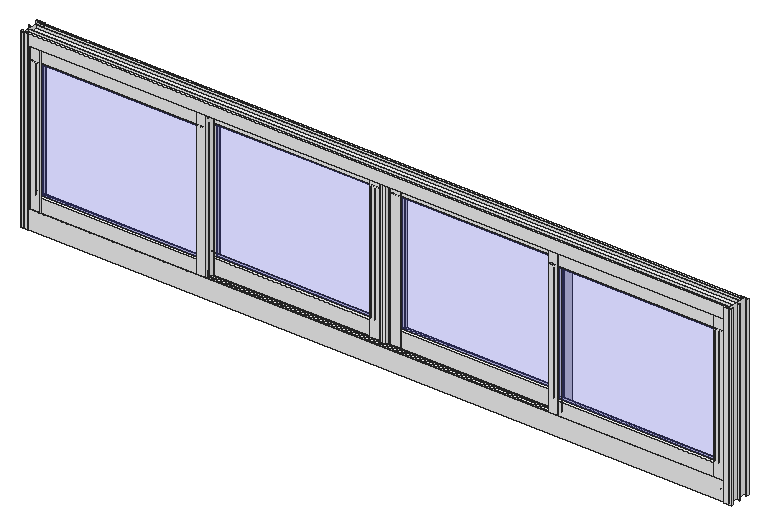
Revit family "Elite_Sliding_Window_XXXX_Custom", category Windows, host Wall, Revit 2014 (continued)
Definition of nested family "Elite_Sash_Outer_XXXX_Cust"
  Definition of nested family "Elite_Lock_Stile"
    Forms (mm)
      Extrusion 1, solid, material <- "Profile Material"
        sketch origin (0, 0, 0) x (1, 0, 0) y (0, 1, 0)
          loop
            line (0, 0) -> (3.5, 0) -> (3.5, 2.4) -> (2.5, 2.4) -> (2.5, 1.2) -> (1.2, 1.2) -> (1.2, 8.8) -> (2.5, 8.8) -> (2.5, 7.6) -> (3.5, 7.6) -> (3.5, 10) -> (1.5, 10) -> (1.5, 13) -> (24.5, 13) -> (24.5, 10) -> (22.5, 10) -> (22.5, 7.6) -> (23.5, 7.6) -> (23.5, 8.8) -> (24.8, 8.8) -> (24.8, 1.2) -> (23.5, 1.2) -> (23.5, 2.4) -> (22.5, 2.4) -> (22.5, 0) -> (26, 0) -> (26, 49.8) -> (24.5, 49.8) -> (24.5, 49) -> (18, 49) -> (18, 43) -> (19.5, 43) -> (19.5, 47.5) -> (24.5, 47.5) -> (24.5, 36) -> (1.5, 36) -> (1.5, 47.5) -> (6.5, 47.5) -> (6.5, 43) -> (8, 43) -> (8, 49) -> (1.5, 49) -> (1.5, 49.8) -> (0, 49.8) -> (0, 0)
          loop
            line (1.5, 14.5) -> (24.5, 14.5) -> (24.5, 34.5) -> (13, 34.5) -> (1.5, 34.5) -> (1.5, 14.5)
        from 0 to 250 <- "Length Lock Stile"
      Extrusion 2, void
        sketch origin (24.4, 49, 0) x (1, 0, 0) y (0, 0, 1)
          loop
            line (0.1, 250) -> (-22.9, 250) -> (-22.9, 195) -> (0.1, 195) -> (0.1, 250)
          loop
            line (-22.9, 0) -> (0.1, 0) -> (0.1, 55) -> (-22.9, 55) -> (-22.9, 0)
        from 0 to 25
      Extrusion 3, void
        sketch origin (13, 14.5, 0) x (1, 0, 0) y (0, 0, 1)
          loop
            line (6.5, 250) -> (-6.5, 250) -> (-6.5, 224) -> (6.5, 224) -> (6.5, 250)
          loop
            line (6.5, 0) -> (6.5, 26) -> (-6.5, 26) -> (-6.5, 0) -> (6.5, 0)
        from 0 to 250
    Cuts and joins
      Extrusion 2, Extrusion 3 cuts Extrusion 1
    Dimensions and locks
      "Height Large Cut": Extrusion 2 sketch curve to Extrusion 2 sketch curve  (x2)
      "Height Rail Cut": Extrusion 3 sketch curve to Extrusion 3 sketch curve  (x2)
      "Width Rail Cut": Extrusion 3 sketch curve to Extrusion 3 sketch curve  (x2)
      "Side Gap Rail Cut": Extrusion 3 sketch curve to cut or joined group of Extrusion 1, Extrusion 2, Extrusion 3  (x2)
      aligned and locked: level to plane 2
      aligned and locked: Extrusion 1 to Extrusion 2 sketch curve  (x2)
      aligned and locked: Extrusion 2 sketch curve to Extrusion 1  (x4)
      aligned and locked: Extrusion 3 sketch curve to cut or joined group of Extrusion 1, Extrusion 2, Extrusion 3
      aligned and locked: cut or joined group of Extrusion 1, Extrusion 2, Extrusion 3 to Extrusion 3 sketch curve
    Automatic sketch dimensions
      Extrusion 1 sketch curve to plane 3 "Center (Left/Right)" = 0 mm
      plane 1 "Center (Front/Back)" to Extrusion 1 sketch curve = 0 mm  (x2)
      plane 3 "Center (Left/Right)" to Extrusion 1 sketch curve = 1.2 mm
      plane 3 "Center (Left/Right)" to Extrusion 1 sketch curve = 1.5 mm  (x2)
      Extrusion 1 sketch curve to Extrusion 1 sketch curve = 0 mm  (x4)
      Extrusion 1 sketch curve to Extrusion 1 sketch curve = 0.3 mm  (x2)
      Extrusion 1 sketch curve to Extrusion 1 sketch curve = 1.3 mm  (x2)
      Extrusion 1 sketch curve to Extrusion 1 sketch curve = 1 mm  (x4)
      Extrusion 1 sketch curve to Extrusion 1 sketch curve = 5 mm  (x4)
      Extrusion 1 sketch curve to Extrusion 1 sketch curve = 1.5 mm  (x6)
      Extrusion 1 sketch curve to plane 1 "Center (Front/Back)" = 2.4 mm
      Extrusion 1 sketch curve to Extrusion 1 sketch curve = 19 mm
      Extrusion 1 sketch curve to Extrusion 1 sketch curve = 2 mm
      Extrusion 1 sketch curve to Extrusion 1 sketch curve = 1.2 mm  (x6)
      Extrusion 1 sketch curve to plane 1 "Center (Front/Back)" = 1.2 mm  (x2)
      Extrusion 1 sketch curve to Extrusion 1 sketch curve = 5.2 mm  (x2)
      Extrusion 1 sketch curve to Extrusion 1 sketch curve = 3 mm
      Extrusion 1 sketch curve to Extrusion 1 sketch curve = 20 mm
      Extrusion 1 sketch curve to Extrusion 1 sketch curve = 7 mm  (x2)
      Extrusion 1 sketch curve to Extrusion 1 sketch curve = 4.5 mm  (x2)
      Extrusion 1 sketch curve to Extrusion 1 sketch curve = 0.8 mm  (x2)
  Definition of nested family "Elite_Interlocker"
    Parameters (values of type "Elite_Interlocker")
      Rail Cut Width = 13 mm  # constant formula
      Rail Cut Side Spacing = 5 mm  # constant formula
      Rail Cut Height = 26 mm  # constant formula
      Profile Material [instance] = none
      Length Interlocker [instance] = 250 mm
      Large Cut Height = 55 mm  # constant formula
    Reference planes
      plane 1 "Center (Front/Back)": y = 0
      plane 2: z = 0
      plane 3 "Center (Left/Right)": x = 0
    Forms (mm)
      Extrusion 1, solid, material <- "Profile Material"
        sketch origin (0, 0, 0) x (1, 0, 0) y (0, 1, 0)
          loop
            line (6.916, 36.467) -> (6.916, 6.667) -> (39.416, 6.667) -> (39.416, 9.551) -> (38.416, 9.551) -> (38.416, 8.167) -> (37.116, 8.167) -> (37.116, 9.551) -> (36.116, 9.551) -> (36.116, 8.167) -> (32.916, 8.167) -> (32.916, 15.167) -> (36.116, 15.167) -> (36.116, 13.78) -> (37.116, 13.78) -> (37.116, 15.167) -> (38.416, 15.167) -> (38.416, 13.78) -> (39.416, 13.78) -> (39.416, 25.167)
            arc (39.416, 25.167) -> (38.973, 25.663) -> (38.429, 25.28) r 0.5
            line (38.429, 25.28) -> (36.426, 16.667) -> (32.916, 16.667) -> (32.916, 36.467) -> (31.416, 36.467) -> (31.416, 35.667) -> (24.916, 35.667) -> (24.916, 29.667) -> (26.416, 29.667) -> (26.416, 34.167) -> (31.416, 34.167) -> (31.416, 22.667) -> (19.916, 22.667) -> (8.416, 22.667) -> (8.416, 34.167) -> (13.416, 34.167) -> (13.416, 29.667) -> (14.916, 29.667) -> (14.916, 35.667) -> (8.416, 35.667) -> (8.416, 36.467) -> (6.916, 36.467)
          loop
            line (8.416, 21.167) -> (8.416, 8.167) -> (31.416, 8.167) -> (31.416, 21.167) -> (19.916, 21.167) -> (8.416, 21.167)
        from 0 to 250 <- "Length Interlocker"
      Extrusion 2, void
        sketch origin (14.616, 35.667, 0) x (1, 0, 0) y (0, 0, 1)
          loop
            line (11.8, 250) -> (-1.2, 250) -> (-1.2, 224) -> (11.8, 224) -> (11.8, 250)
          loop
            line (-1.2, 0) -> (11.8, 0) -> (11.8, 26) -> (-1.2, 26) -> (-1.2, 0)
        from 0 to 250
      Extrusion 3, void
        sketch origin (31.316, 35.667, 0) x (1, 0, 0) y (0, 0, 1)
          loop
            line (0.1, 250) -> (-22.9, 250) -> (-22.9, 195) -> (0.1, 195) -> (0.1, 250)
          loop
            line (-22.9, 0) -> (0.1, 0) -> (0.1, 55) -> (-22.9, 55) -> (-22.9, 0)
        from 0 to 25
    Cuts and joins
      Extrusion 2, Extrusion 3 cuts Extrusion 1
    Dimensions and locks
      "Rail Cut Width": Extrusion 2 sketch curve to Extrusion 2 sketch curve  (x2)
      "Rail Cut Side Spacing": Extrusion 2 sketch curve to Extrusion 1  (x2)
      "Rail Cut Height": Extrusion 2 sketch curve to Extrusion 2 sketch curve  (x2)
      "Large Cut Height": Extrusion 3 sketch curve to Extrusion 3 sketch curve  (x2)
      aligned and locked: level to plane 2
      aligned and locked: Extrusion 1 to Extrusion 2 sketch curve  (x2)
      aligned and locked: Extrusion 3 sketch curve to cut or joined group of Extrusion 1, Extrusion 2, Extrusion 3  (x4)
      aligned and locked: cut or joined group of Extrusion 1, Extrusion 2, Extrusion 3 to Extrusion 3 sketch curve  (x2)
    Automatic sketch dimensions
      plane 3 "Center (Left/Right)" to Extrusion 1 sketch curve = 6.916 mm
      plane 3 "Center (Left/Right)" to Extrusion 1 sketch curve = 8.416 mm
      Extrusion 1 sketch curve to Extrusion 1 sketch curve = 1.5 mm  (x11)
      Extrusion 1 sketch curve to Extrusion 1 sketch curve = 0 mm  (x6)
      Extrusion 1 sketch curve to Extrusion 1 sketch curve = 5 mm  (x4)
      Extrusion 1 sketch curve to Extrusion 1 sketch curve = 3.2 mm  (x2)
      Extrusion 1 sketch curve to Extrusion 1 sketch curve = 0.31 mm
      Extrusion 1 sketch curve to Extrusion 1 sketch curve = 1 mm  (x4)
      Extrusion 1 sketch curve to Extrusion 1 sketch curve = 1.3 mm  (x2)
      Extrusion 1 sketch curve to Extrusion 1 sketch curve = 7.013 mm
      Extrusion 1 sketch curve to Extrusion 1 sketch curve = 0.487 mm
      Extrusion 1 sketch curve to plane 1 "Center (Front/Back)" = 6.667 mm
      Extrusion 1 sketch curve to Extrusion 1 sketch curve = 1.384 mm  (x2)
      Extrusion 1 sketch curve to Extrusion 1 sketch curve = 4.229 mm
      Extrusion 1 sketch curve to Extrusion 1 sketch curve = 1.387 mm  (x2)
      Extrusion 1 sketch curve to Extrusion 1 sketch curve = 13 mm
      Extrusion 1 sketch curve to Extrusion 1 sketch curve = 2.5 mm
      Extrusion 1 sketch curve to Extrusion 1 sketch curve = 7 mm  (x2)
      Extrusion 1 sketch curve to Extrusion 1 sketch curve = 4.5 mm  (x2)
      Extrusion 1 sketch curve to Extrusion 1 sketch curve = 0.8 mm  (x2)
  Definition of nested family "Elite_Sash_Top"
    Parameters (values of type "Elite_Sash_Top")
      Profile Material [instance] = none
      Length Sash Top [instance] = 250 mm
    Reference planes
      plane 1 "Center (Front/Back)": y = 0
      plane 2: z = 0
      plane 3 "Center (Left/Right)": x = 0
    Forms (mm)
      Extrusion 1, solid, material <- "Profile Material"
        sketch origin (0, -88.953, -123.01) x (0, 1, 0) y (0, 0, 1)
          loop
            line (92.953, 217.01) -> (95.303, 217.01) -> (95.303, 223.01) -> (93.853, 223.01) -> (93.853, 218.46) -> (92.953, 218.46)
            arc (92.953, 218.46) -> (91.15, 219.207) -> (90.403, 221.01) r 2.55
            line (90.403, 221.01) -> (90.403, 230.06) -> (110.203, 230.06) -> (110.203, 221.01)
            arc (110.203, 221.01) -> (109.456, 219.207) -> (107.653, 218.46) r 2.55
            line (107.653, 218.46) -> (106.753, 218.46) -> (106.753, 223.01) -> (105.303, 223.01) -> (105.303, 217.01) -> (107.653, 217.01)
            arc (107.653, 217.01) -> (110.482, 218.181) -> (111.653, 221.01) r 4
            line (111.653, 221.01) -> (111.653, 271.01) -> (107.403, 271.01) -> (107.403, 268.61) -> (108.603, 268.61) -> (108.603, 269.81) -> (110.203, 269.81) -> (110.203, 262.21) -> (108.603, 262.21) -> (108.603, 263.41) -> (107.403, 263.41) -> (107.403, 261.01) -> (110.203, 261.01) -> (110.203, 231.51) -> (90.403, 231.51) -> (90.403, 261.01) -> (93.203, 261.01) -> (93.203, 263.41) -> (92.003, 263.41) -> (92.003, 262.21) -> (90.403, 262.21) -> (90.403, 269.81) -> (92.003, 269.81) -> (92.003, 268.61) -> (93.203, 268.61) -> (93.203, 271.01) -> (88.953, 271.01) -> (88.953, 221.01)
            arc (88.953, 221.01) -> (90.125, 218.181) -> (92.953, 217.01) r 4
        from 0 to 250 <- "Length Sash Top"
    Dimensions and locks
      aligned and locked: level to plane 2
  Definition of nested family "Elite_Sash_Bottom"
    Parameters (values of type "Elite_Sash_Bottom")
      Profile Material [instance] = none
      Length Sash Bottom [instance] = 250 mm
    Reference planes
      plane 1 "Center (Front/Back)": y = 0
      plane 2: z = 0
      plane 3 "Center (Left/Right)": x = 0
    Forms (mm)
      Extrusion 1, solid, material <- "Profile Material"
        sketch origin (0, -88.953, -123.01) x (0, 1, 0) y (0, 0, 1)
          loop
            arc (92.953, 177.01) -> (90.125, 175.838) -> (88.953, 173.01) r 4
            line (88.953, 173.01) -> (88.953, 123.01) -> (93.203, 123.01) -> (93.203, 125.41) -> (92.003, 125.41) -> (92.003, 124.21) -> (90.403, 124.21) -> (90.403, 131.81) -> (92.003, 131.81) -> (92.003, 130.61) -> (93.203, 130.61) -> (93.203, 133.01) -> (90.403, 133.01) -> (90.403, 162.51) -> (110.203, 162.51) -> (110.203, 133.01) -> (107.403, 133.01) -> (107.403, 130.61) -> (108.603, 130.61) -> (108.603, 131.81) -> (110.203, 131.81) -> (110.203, 124.21) -> (108.603, 124.21) -> (108.603, 125.41) -> (107.403, 125.41) -> (107.403, 123.01) -> (111.653, 123.01) -> (111.653, 173.01)
            arc (111.653, 173.01) -> (110.482, 175.838) -> (107.653, 177.01) r 4
            line (107.653, 177.01) -> (105.303, 177.01) -> (105.303, 171.01) -> (106.753, 171.01) -> (106.753, 175.56) -> (107.653, 175.56)
            arc (107.653, 175.56) -> (109.456, 174.813) -> (110.203, 173.01) r 2.55
            line (110.203, 173.01) -> (110.203, 163.96) -> (90.403, 163.96) -> (90.403, 173.01)
            arc (90.403, 173.01) -> (91.15, 174.813) -> (92.953, 175.56) r 2.55
            line (92.953, 175.56) -> (93.853, 175.56) -> (93.853, 171.01) -> (95.303, 171.01) -> (95.303, 177.01) -> (92.953, 177.01)
        from 0 to 250 <- "Length Sash Bottom"
    Dimensions and locks
      aligned and locked: level to plane 2
  Definition of nested family "Elite_Heavy_Duty_Interlocker_Outside"
    Parameters (values of type "Elite_Heavy_Duty_Interlocker_Outside")
      Side Cut Width = 20 mm  # constant formula
      Side Cut Height Top = 26 mm  # constant formula
      Profile Material [instance] = none
      Length Heavy Duty Interlocker [instance] = 250 mm
      Large Cut Height = 55 mm  # constant formula
      Cut Width = 13 mm  # constant formula
      Cut Side Spacing = 5 mm  # constant formula
      Cut Height = 26 mm  # constant formula
    Reference planes
      plane 1 "Center (Front/Back)": y = 0
      plane 2: z = 0
      plane 3 "Center (Left/Right)": x = 0
    Forms (mm)
      Extrusion 1, solid, material <- "Profile Material"
        sketch origin (0, 0, 0) x (1, 0, 0) y (0, 1, 0)
          loop
            arc (4, 27.5) -> (2.232, 26.768) -> (1.5, 25) r 2.5
            line (1.5, 25) -> (1.5, 4)
            arc (1.5, 4) -> (2.232, 2.232) -> (4, 1.5) r 2.5
            line (4, 1.5) -> (20, 1.5) -> (20, 27.5) -> (4, 27.5)
          loop
            line (21.5, 14.5) -> (21.5, 1.5) -> (33, 1.5) -> (44.5, 1.5) -> (44.5, 14.5) -> (33, 14.5) -> (21.5, 14.5)
          loop
            line (46, 10) -> (46, 29.8) -> (44.5, 29.8) -> (44.5, 29) -> (38, 29) -> (38, 23) -> (39.5, 23) -> (39.5, 27.5) -> (44.5, 27.5) -> (44.5, 16) -> (33, 16) -> (21.5, 16) -> (21.5, 27.5) -> (26.5, 27.5) -> (26.5, 23) -> (28, 23) -> (28, 29) -> (21.5, 29) -> (21.5, 29.8) -> (20, 29.8) -> (20, 29) -> (4, 29)
            arc (4, 29) -> (1.172, 27.828) -> (0, 25) r 4
            line (0, 25) -> (0, 4)
            arc (0, 4) -> (1.172, 1.172) -> (4, 0) r 4
            line (4, 0) -> (52.5, 0) -> (52.5, 2.866) -> (51.5, 2.866) -> (51.5, 1.5) -> (50.2, 1.5) -> (50.2, 2.866) -> (49.2, 2.866) -> (49.2, 1.5) -> (46, 1.5) -> (46, 8.5) -> (49.2, 8.5) -> (49.2, 7.121) -> (50.2, 7.121) -> (50.2, 8.5) -> (51.5, 8.5) -> (51.5, 7.121) -> (52.5, 7.121) -> (52.5, 18.5)
            arc (52.5, 18.5) -> (52.057, 18.997) -> (51.513, 18.613) r 0.5
            line (51.513, 18.613) -> (49.51, 10) -> (46, 10)
        from 0 to 250 <- "Length Heavy Duty Interlocker"
      Extrusion 2, void
        sketch origin (44.4, 29, 0) x (1, 0, 0) y (0, 0, 1)
          loop
            line (-4.9, 250) -> (-17.9, 250) -> (-17.9, 224) -> (-4.9, 224) -> (-4.9, 250)
          loop
            line (-4.9, 0) -> (-4.9, 26) -> (-17.9, 26) -> (-17.9, 0) -> (-4.9, 0)
        from 0 to 250
      Extrusion 3, void
        sketch origin (44.4, 29, 0) x (1, 0, 0) y (0, 0, 1)
          loop
            line (0.1, 250) -> (-22.9, 250) -> (-22.9, 195) -> (0.1, 195) -> (0.1, 250)
          loop
            line (0.1, 0) -> (0.1, 55) -> (-22.9, 55) -> (-22.9, 0) -> (0.1, 0)
        from 0 to 25
      Extrusion 4, void
        sketch origin (19.7, 29, 0) x (1, 0, 0) y (0, 0, 1)
          loop
            line (0.3, 250) -> (-19.7, 250) -> (-19.7, 224) -> (0.3, 224) -> (0.3, 250)
        from 0 to 250
    Cuts and joins
      Extrusion 2, Extrusion 3, Extrusion 4 cuts Extrusion 1
    Dimensions and locks
      "Cut Width": Extrusion 2 sketch curve to Extrusion 2 sketch curve  (x2)
      "Cut Side Spacing": Extrusion 2 sketch curve to Extrusion 1  (x2)
      "Cut Height": Extrusion 2 sketch curve to Extrusion 2 sketch curve  (x2)
      "Large Cut Height": Extrusion 3 sketch curve to Extrusion 3 sketch curve  (x2)
      "Side Cut Width": Extrusion 4 sketch curve to Extrusion 4 sketch curve
      "Side Cut Height Top": Extrusion 4 sketch curve to Extrusion 4 sketch curve
      aligned and locked: level to plane 2
      aligned and locked: Extrusion 2 sketch curve to Extrusion 1
      aligned and locked: Extrusion 1 to Extrusion 2 sketch curve
      aligned and locked: cut or joined group of Extrusion 1, Extrusion 2, Extrusion 3, Extrusion 4 to Extrusion 3 sketch curve  (x2)
      aligned and locked: Extrusion 3 sketch curve to cut or joined group of Extrusion 1, Extrusion 2, Extrusion 3, Extrusion 4  (x4)
      aligned and locked: Extrusion 4 sketch curve to cut or joined group of Extrusion 1, Extrusion 2, Extrusion 3, Extrusion 4
      aligned and locked: cut or joined group of Extrusion 1, Extrusion 2, Extrusion 3, Extrusion 4 to Extrusion 4 sketch curve
    Automatic sketch dimensions
      Extrusion 1 sketch curve to Extrusion 1 sketch curve = 0 mm  (x11)
      Extrusion 1 sketch curve to plane 3 "Center (Left/Right)" = 0 mm
      plane 1 "Center (Front/Back)" to Extrusion 1 sketch curve = 0 mm
      plane 3 "Center (Left/Right)" to Extrusion 1 sketch curve = 1.5 mm
      Extrusion 1 sketch curve to Extrusion 1 sketch curve = 2.5 mm  (x3)
      Extrusion 1 sketch curve to Extrusion 1 sketch curve = 16 mm
      Extrusion 1 sketch curve to Extrusion 1 sketch curve = 1.5 mm  (x10)
      Extrusion 1 sketch curve to Extrusion 1 sketch curve = 5 mm  (x3)
      Extrusion 1 sketch curve to plane 1 "Center (Front/Back)" = 1.5 mm  (x3)
      Extrusion 1 sketch curve to Extrusion 1 sketch curve = 11.5 mm  (x2)
      Extrusion 1 sketch curve to Extrusion 1 sketch curve = 10 mm
      Extrusion 1 sketch curve to Extrusion 1 sketch curve = 3.2 mm  (x2)
      Extrusion 1 sketch curve to plane 1 "Center (Front/Back)" = 10 mm
      Extrusion 1 sketch curve to Extrusion 1 sketch curve = 0.31 mm
      Extrusion 1 sketch curve to Extrusion 1 sketch curve = 1 mm  (x4)
      Extrusion 1 sketch curve to Extrusion 1 sketch curve = 1.3 mm  (x2)
      Extrusion 1 sketch curve to Extrusion 1 sketch curve = 7.013 mm
      Extrusion 1 sketch curve to Extrusion 1 sketch curve = 0.487 mm
      Extrusion 1 sketch curve to Extrusion 1 sketch curve = 1.366 mm
      Extrusion 1 sketch curve to Extrusion 1 sketch curve = 2.879 mm
      Extrusion 1 sketch curve to Extrusion 1 sketch curve = 4.5 mm  (x3)
      Extrusion 1 sketch curve to Extrusion 1 sketch curve = 7 mm  (x2)
      Extrusion 1 sketch curve to Extrusion 1 sketch curve = 9 mm
      Extrusion 1 sketch curve to Extrusion 1 sketch curve = 0.8 mm  (x2)
Definition of nested family "Elite_Meeting_Stile_Adaptor_XXXX_Cust"
  Parameters (values of type "Elite_Meeting_Stile_Adaptor")
    Profile Material [instance] = none
    Middle Cut Width = 13 mm  # constant formula
    Middle Cut Height = 26 mm  # constant formula
    Length Meeting Stile Adaptor [instance] = 250 mm
    Left Spacing = 21.7 mm - 15 mm  # 6.7 mm
    Egde Top Cut = 26 mm  # constant formula
    Edge Bottom Cut = 50 mm  # constant formula
  Reference planes
    plane 1 "Center (Front/Back)": y = 0
    plane 2: z = 0
    plane 3 "Center (Left/Right)": x = 0
  Forms (mm)
    Extrusion 1, solid, material <- "Profile Material"
      sketch origin (0, 0, 0) x (1, 0, 0) y (0, 1, 0)
        loop
          arc (2.2, 4.6) -> (3.079, 2.479) -> (5.2, 1.6) r 3
          line (5.2, 1.6) -> (13.2, 1.6) -> (13.2, 18.4) -> (5.2, 18.4)
          arc (5.2, 18.4) -> (3.079, 17.521) -> (2.2, 15.4) r 3
          line (2.2, 15.4) -> (2.2, 4.6)
        loop
          arc (51.1, 1.6) -> (53.221, 2.479) -> (54.1, 4.6) r 3
          line (54.1, 4.6) -> (54.1, 15.4)
          arc (54.1, 15.4) -> (53.221, 17.521) -> (51.1, 18.4) r 3
          line (51.1, 18.4) -> (43.1, 18.4) -> (43.1, 1.6) -> (51.1, 1.6)
        loop
          line (20.9, 16.047) -> (23.399, 23.545) -> (22.082, 23.545) -> (19.665, 16.296) -> (19.649, 10.75) -> (15, 10.75) -> (15, 20) -> (5, 20)
          arc (5, 20) -> (1.464, 18.536) -> (0, 15) r 5
          line (0, 15) -> (0, 5)
          arc (0, 5) -> (1.464, 1.464) -> (5, 0) r 5
          line (5, 0) -> (15, 0) -> (15, 9.25) -> (41.3, 9.25) -> (41.3, 0) -> (51.3, 0)
          arc (51.3, 0) -> (54.836, 1.464) -> (56.3, 5) r 5
          line (56.3, 5) -> (56.3, 15)
          arc (56.3, 15) -> (54.836, 18.536) -> (51.3, 20) r 5
          line (51.3, 20) -> (41.3, 20) -> (41.3, 10.75) -> (36.65, 10.75) -> (36.65, 16.201) -> (34.218, 23.545) -> (32.901, 23.545) -> (35.4, 16.047) -> (35.4, 10.75) -> (20.9, 10.75) -> (20.9, 16.047)
      from 0 to 250 <- "Length Meeting Stile Adaptor"
    Extrusion 2, void
      sketch origin (14.4, 20, 0) x (1, 0, 0) y (0, 0, 1)
        loop
          line (20.2, 250) -> (7.2, 250) -> (7.2, 224) -> (20.2, 224) -> (20.2, 250)
        loop
          line (7.2, 0) -> (20.2, 0) -> (20.2, 26) -> (7.2, 26) -> (7.2, 0)
        loop
          line (0.6, 250) -> (-14.4, 250) -> (-14.4, 224) -> (0.6, 224) -> (0.6, 250)
      from -50 to 50
  Cuts and joins
    Extrusion 2 cuts Extrusion 1
  Dimensions and locks
    "Left Spacing": Extrusion 2 sketch curve to Extrusion 1  (x2)
    "Middle Cut Width": Extrusion 2 sketch curve to Extrusion 2 sketch curve  (x2)
    "Middle Cut Height": Extrusion 2 sketch curve to Extrusion 2 sketch curve  (x2)
    "Egde Top Cut": Extrusion 2 sketch curve to Extrusion 2 sketch curve
    aligned and locked: level to plane 2
    aligned and locked: Extrusion 2 sketch curve to Extrusion 1  (x4)
    aligned and locked: plane 3 "Center (Left/Right)" to Extrusion 2 sketch curve
  Automatic sketch dimensions
    Extrusion 1 sketch curve to plane 3 "Center (Left/Right)" = 0 mm
    plane 1 "Center (Front/Back)" to Extrusion 1 sketch curve = 0 mm  (x2)
    plane 3 "Center (Left/Right)" to Extrusion 1 sketch curve = 2.2 mm
    plane 3 "Center (Left/Right)" to Extrusion 1 sketch curve = 5 mm
    Extrusion 1 sketch curve to Extrusion 1 sketch curve = 2.8 mm  (x2)
    Extrusion 1 sketch curve to Extrusion 1 sketch curve = 0.2 mm  (x4)
    Extrusion 1 sketch curve to Extrusion 1 sketch curve = 8 mm  (x3)
    Extrusion 1 sketch curve to Extrusion 1 sketch curve = 1.8 mm  (x3)
    Extrusion 1 sketch curve to Extrusion 1 sketch curve = 4.649 mm
    Extrusion 1 sketch curve to Extrusion 1 sketch curve = 0.016 mm
    Extrusion 1 sketch curve to Extrusion 1 sketch curve = 1.251 mm
    Extrusion 1 sketch curve to Extrusion 1 sketch curve = 1.182 mm  (x2)
    Extrusion 1 sketch curve to Extrusion 1 sketch curve = 1.318 mm  (x2)
    Extrusion 1 sketch curve to Extrusion 1 sketch curve = 9.502 mm
    Extrusion 1 sketch curve to Extrusion 1 sketch curve = 1.25 mm
    Extrusion 1 sketch curve to Extrusion 1 sketch curve = 4.65 mm
    Extrusion 1 sketch curve to Extrusion 1 sketch curve = 0 mm  (x2)
    Extrusion 1 sketch curve to plane 1 "Center (Front/Back)" = 1.6 mm  (x2)
    Extrusion 1 sketch curve to Extrusion 1 sketch curve = 2.2 mm
    Extrusion 1 sketch curve to Extrusion 1 sketch curve = 7.65 mm
    Extrusion 1 sketch curve to Extrusion 1 sketch curve = 1.5 mm  (x2)
    Extrusion 1 sketch curve to Extrusion 1 sketch curve = 10 mm  (x2)
    Extrusion 1 sketch curve to Extrusion 1 sketch curve = 0.4 mm  (x2)
    Extrusion 1 sketch curve to Extrusion 1 sketch curve = 5.297 mm  (x2)
    Extrusion 1 sketch curve to Extrusion 1 sketch curve = 0.154 mm
    Extrusion 1 sketch curve to Extrusion 1 sketch curve = 0.249 mm
    Extrusion 1 sketch curve to Extrusion 1 sketch curve = 7.498 mm  (x2)
